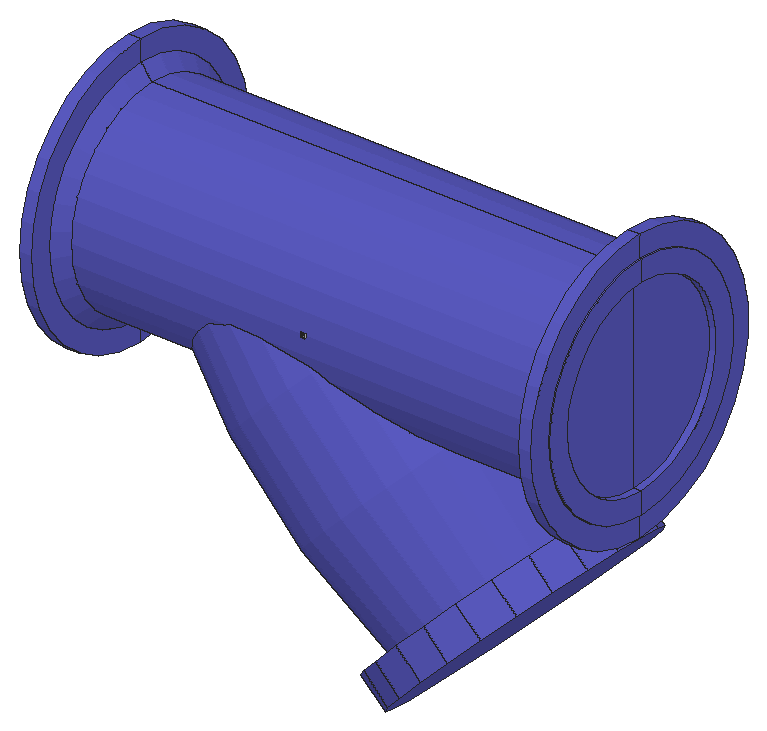
Revit family "Фильтр-грязевик 4111", category Rohrzubehör, Revit 2018
Family settings
  Bemaßung runder Anschluss = Durchmesser verwenden
  Teiletyp = Unterbricht
  OmniClass-Nummer = 23.65.55.14
  OmniClass-Titel = Valves for Liquid Services
  Arbeitsebenenbasiert = Nein
  Immer vertikal = Ja
  Beim Laden mit Abzugskörper schneiden = Nein
  Gemeinsam genutzt = Nein
Parameters
  Уплотнения = "Klingerit"  # constant formula
  Среда = "Качество теплоносителя в соответствии с ÖNORM H5195 и/или предписаниями VDI-Standard 2035.\r\nРазрешается использование смеси этилен или пропиленгликоля в соотношении 25-50% с водой."
  Область применения = "Применяются в системах тепло- и холодоснабжения."
  Номер заказа [instance] = size_lookup("4111_F_", "Artnr", 0, Nennweite)  # 4411190
  Мин. рабочая температура = -10 °C  # constant formula
  Макс. рабочая температура = 120 °C  # constant formula
  Корпус = "GG25"  # constant formula
  Вес [instance] = size_lookup("4111_F_", "Gew", 0, Nennweite)  # 505
  Болты [instance] = if(Nennweite = 50.000 mm, "4x M16x60", if(Nennweite = 65.000 mm, "4x M16x60", if(Nennweite = 80.000 mm, "8x M16x65", if(Nennweite = 100.000 mm, "8x M16x65", if(Nennweite = 125.000 mm, "8x M16x70", if(Nennweite = 150.000 mm, "8x M20x70", if(Nennweite = 200.000 mm, "12x M20x75", if(Nennweite = 250.000 mm, "12x M24x85", if(Nennweite = 300.000 mm, "12x M24x85", if(Nennweite = 350.000 mm, "16x M24x90", "16x M27x100"))))))))))  # "16x M27x100"
  PN = 1600000.0 Pa  # constant formula
  kvs [instance] = if(Nennweite = 50.000 mm, 51, if(Nennweite = 65.000 mm, 70, if(Nennweite = 80.000 mm, 114, if(Nennweite = 100.000 mm, 197, if(Nennweite = 125.000 mm, 271, if(Nennweite = 150.000 mm, 349, if(Nennweite = 200.000 mm, 449, if(Nennweite = 250.000 mm, 994, if(Nennweite = 300.000 mm, 1566, if(Nennweite = 350.000 mm, 2461, 3645))))))))))  # 3645
  Крепление фильтрующего элемента = "Нержавеющая сталь"  # constant formula
  W02 = 45.00°  # constant formula
  W01 = 140.00°  # constant formula
  Уплотнение заглушки = "Медь"  # constant formula
  Заглушка = "Сталь St37"  # constant formula
  URL = "www.herz-armaturen.ru"
  SCRNSEQ = "AWI;AWI_TYP=\"1011\";2"
  SCRNCODE = "05;15;02"  # constant formula
  S01 [instance] = 2 * FLD01  # 580.000 mm
  R02 [instance] = size_lookup("4111_F_", "R2", 1.000 mm, Nennweite)  # 221.000 mm
  R01 [instance] = size_lookup("4111_F_", "R1", 1.000 mm, Nennweite)  # 250.000 mm
  Nennweite [instance] = 400.000 mm
  L02 [instance] = size_lookup("4111_F_", "L2", 1.000 mm, Nennweite)  # 301.000 mm
  Hersteller = "HERZ Armaturen Ges.m.b.H."  # constant formula
  L01 [instance] = size_lookup("4111_F_", "L1", 1.000 mm, Nennweite)  # 550.000 mm
  H01 [instance] = size_lookup("4111_F_", "H1", 1.000 mm, Nennweite)  # 479.500 mm
  Фильтрующий элемент (DN50-DN80) = "AISI 304, размер ячейки 600 мкм"  # constant formula
  Фильтрующий элемент (DN100-DN400) = "AISI 304, размер ячейки 1500 мкм"  # constant formula
  FLL02 [instance] = size_lookup("4111_F_", "FLL2", 1.000 mm, Nennweite)  # 30.000 mm
  FLL01 [instance] = size_lookup("4111_F_", "FLL1", 1.000 mm, Nennweite)  # 4.000 mm
  FLD02 [instance] = size_lookup("4111_F_", "FLD2", 1.000 mm, Nennweite)  # 245.000 mm
  FLD01 [instance] = size_lookup("4111_F_", "FLD1", 1.000 mm, Nennweite)  # 290.000 mm
  DN80 [instance] = Nennweite = 80.000 mm  # no
  DN65 [instance] = Nennweite = 65.000 mm  # no
  DN50 [instance] = Nennweite = 50.000 mm  # no
  DN400 [instance] = Nennweite = 400.000 mm  # yes
  DN350 [instance] = Nennweite = 350.000 mm  # no
  DN300 [instance] = Nennweite = 300.000 mm  # no
  DN250 [instance] = Nennweite = 250.000 mm  # no
  DN200 [instance] = Nennweite = 200.000 mm  # no
  DN150 [instance] = Nennweite = 150.000 mm  # no
  DN125 [instance] = Nennweite = 125.000 mm  # no
  DN100 [instance] = Nennweite = 100.000 mm  # no
  DN [instance] = Nennweite / 2  # 200.000 mm
  D01 [instance] = size_lookup("4111_F_", "D1", 1.000 mm, Nennweite)  # 216.000 mm
  Крышка = "GG25"  # constant formula
Reference planes
  plane 1 "Mitte (Vorne/hinten)": y = 0
  plane 2: z = 0
  plane 3 "Mitte (Links/rechts)": x = 0
Forms (mm)
  Revolve 1, solid, material "Herz-Marineblau", detail levels fine
    sketch origin (0, 0, 0) x (1, 0, 0) y (0, 0, 1)
      loop
        line (-546, 245) -> (-550, 245) -> (-550, 200) -> (-533.79, 200) -> (-533.79, 0) -> (533.79, 0) -> (533.79, 200) -> (550, 200) -> (550, 245) -> (546, 245) -> (546, 290) -> (520, 290) -> (520, 234.5) -> (504.477, 216) -> (-495.666, 216) -> (-520, 245) -> (-520, 290) -> (-546, 290) -> (-546, 245)
      axis (-550, 0) -> (550, 0)
    angle from 0 to 360
  Revolve 2, solid, material "Herz-Marineblau", detail levels fine
    sketch origin (0, 0, 0) x (1, 0, 0) y (0, 0, 1)
      loop
        line (-230.5, 0) -> (-371.921, -141.421)
        arc (-371.921, -141.421) -> (-167.867, -415.168) -> (92.729, -635.771) r 1502.314
        line (92.729, -635.771) -> (249, -479.5) -> (-230.5, 0)
      axis (-230.5, 0) -> (249, -479.5)
    angle from 0 to 360
  Extrusion 3, solid, material "Herz-Marineblau", visible <- "DN50", detail levels fine
    sketch origin (12, 0, -74) x (0, 1, 0) y (0.707107, 0, 0.707107)
      loop
        arc (50, 40) -> (47.071, 47.071) -> (40, 50) r 10
        line (40, 50) -> (-40, 50)
        arc (-40, 50) -> (-47.071, 47.071) -> (-50, 40) r 10
        line (-50, 40) -> (-50, -40)
        arc (-50, -40) -> (-47.071, -47.071) -> (-40, -50) r 10
        line (-40, -50) -> (40, -50)
        arc (40, -50) -> (47.071, -47.071) -> (50, -40) r 10
        line (50, -40) -> (50, 40)
    from 30.5 to 0
  Extrusion 4, solid, material "Herz-Marineblau", visible <- "DN65", detail levels fine
    sketch origin (17, 0, -102.5) x (0, 1, 0) y (0.707107, 0, 0.707107)
      loop
        line (-60, 40) -> (-60, -40)
        arc (-60, -40) -> (-54.142, -54.142) -> (-40, -60) r 20
        line (-40, -60) -> (40, -60)
        arc (40, -60) -> (54.142, -54.142) -> (60, -40) r 20
        line (60, -40) -> (60, 40)
        arc (60, 40) -> (54.142, 54.142) -> (40, 60) r 20
        line (40, 60) -> (-40, 60)
        arc (-40, 60) -> (-54.142, 54.142) -> (-60, 40) r 20
    from 33 to 0
  Extrusion 5, solid, material "Herz-Marineblau", visible <- "DN80", detail levels fine
    sketch origin (44, 0, -118) x (0, 1, 0) y (0.707107, 0, 0.707107)
      loop
        line (-67, 47) -> (-67, -47)
        arc (-67, -47) -> (-61.142, -61.142) -> (-47, -67) r 20
        line (-47, -67) -> (47, -67)
        arc (47, -67) -> (61.142, -61.142) -> (67, -47) r 20
        line (67, -47) -> (67, 47)
        arc (67, 47) -> (61.142, 61.142) -> (47, 67) r 20
        line (47, 67) -> (-47, 67)
        arc (-47, 67) -> (-61.142, 61.142) -> (-67, 47) r 20
    from 34 to 0
  Extrusion 6, solid, material "Herz-Marineblau", visible <- "DN100", detail levels fine
    sketch origin (43, -449.258, -142) x (0, 1, 0) y (0.707107, 0, 0.707107)
      loop
        line (544.008, 0) -> (531.314, 47.375) -> (496.633, 82.056) -> (449.258, 94.75) -> (401.883, 82.056) -> (367.203, 47.375) -> (354.508, 0) -> (367.203, -47.375) -> (401.883, -82.056) -> (449.258, -94.75) -> (496.633, -82.056) -> (531.314, -47.375) -> (544.008, 0)
    from 35.5 to 0
  Extrusion 7, solid, material "Herz-Marineblau", visible <- "DN125", detail levels fine
    sketch origin (54, -422.813, -170) x (0, 1, 0) y (0.707107, 0, 0.707107)
      loop
        line (535.313, 0) -> (520.241, 56.25) -> (479.063, 97.428) -> (422.813, 112.5) -> (366.563, 97.428) -> (325.386, 56.25) -> (310.313, 0) -> (325.386, -56.25) -> (366.563, -97.428) -> (422.813, -112.5) -> (479.063, -97.428) -> (520.241, -56.25) -> (535.313, 0)
    from 44.5 to 0
  Extrusion 8, solid, material "Herz-Marineblau", visible <- "DN150", detail levels fine
    sketch origin (61.5, -490.074, -187.5) x (0, 1, 0) y (0.707107, 0, 0.707107)
      loop
        line (621.324, 0) -> (603.739, 65.625) -> (555.699, 113.666) -> (490.074, 131.25) -> (424.449, 113.666) -> (376.408, 65.625) -> (358.824, 0) -> (376.408, -65.625) -> (424.449, -113.666) -> (490.074, -131.25) -> (555.699, -113.666) -> (603.739, -65.625) -> (621.324, 0)
    from 44.7 to 0
  Extrusion 9, solid, material "Herz-Marineblau", visible <- "DN200", detail levels fine
    sketch origin (82, -429.19, -249) x (0, 1, 0) y (0.707107, 0, 0.707107)
      loop
        line (588.19, 0) -> (566.888, 79.5) -> (508.69, 137.698) -> (429.19, 159) -> (349.69, 137.698) -> (291.492, 79.5) -> (270.19, 0) -> (291.492, -79.5) -> (349.69, -137.698) -> (429.19, -159) -> (508.69, -137.698) -> (566.888, -79.5) -> (588.19, 0)
    from 47 to 0
  Extrusion 10, solid, material "Herz-Marineblau", visible <- "DN250", detail levels fine
    sketch origin (109.5, -496.545, -300) x (0, 1, 0) y (0.707107, 0, 0.707107)
      loop
        line (686.545, 0) -> (680.071, 49.176) -> (661.09, 95) -> (630.895, 134.35) -> (591.545, 164.545) -> (545.72, 183.526) -> (496.545, 190) -> (447.369, 183.526) -> (401.545, 164.545) -> (362.194, 134.35) -> (332, 95) -> (313.019, 49.176) -> (306.545, 0) -> (313.019, -49.176) -> (332, -95) -> (362.194, -134.35) -> (401.545, -164.545) -> (447.369, -183.526) -> (496.545, -190) -> (545.72, -183.526) -> (591.545, -164.545) -> (630.895, -134.35) -> (661.09, -95) -> (680.071, -49.176) -> (686.545, 0)
    from 56.5 to 0
  Extrusion 11, solid, material "Herz-Marineblau", visible <- "DN300", detail levels fine
    sketch origin (82, 617.078, -333) x (0, 1, 0) y (0.707107, 0, 0.707107)
      loop
        line (-390.078, 0) -> (-397.813, 58.752) -> (-420.49, 113.5) -> (-456.565, 160.513) -> (-503.578, 196.588) -> (-558.326, 219.265) -> (-617.078, 227) -> (-675.83, 219.265) -> (-730.578, 196.588) -> (-777.591, 160.513) -> (-813.666, 113.5) -> (-836.343, 58.752) -> (-844.078, 0) -> (-836.343, -58.752) -> (-813.666, -113.5) -> (-777.591, -160.513) -> (-730.578, -196.588) -> (-675.83, -219.265) -> (-617.078, -227) -> (-558.326, -219.265) -> (-503.578, -196.588) -> (-456.565, -160.513) -> (-420.49, -113.5) -> (-397.813, -58.752) -> (-390.078, 0)
    from 61 to 0
  Extrusion 12, solid, material "Herz-Marineblau", visible <- "DN350", detail levels fine
    sketch origin (211, 802.601, -476) x (0, 1, 0) y (0.707107, 0, 0.707107)
      loop
        line (-547.601, 0) -> (-556.29, 65.999) -> (-581.764, 127.5) -> (-622.288, 180.312) -> (-675.101, 220.836) -> (-736.602, 246.311) -> (-802.601, 255) -> (-868.6, 246.311) -> (-930.101, 220.836) -> (-982.913, 180.312) -> (-1023.437, 127.5) -> (-1048.912, 65.999) -> (-1057.601, 0) -> (-1048.912, -65.999) -> (-1023.437, -127.5) -> (-982.913, -180.312) -> (-930.101, -220.836) -> (-868.6, -246.311) -> (-802.601, -255) -> (-736.602, -246.311) -> (-675.101, -220.836) -> (-622.288, -180.312) -> (-581.764, -127.5) -> (-556.29, -65.999) -> (-547.601, 0)
    from 73 to 0
  Extrusion 13, solid, material "Herz-Marineblau", visible <- "DN400", detail levels fine
    sketch origin (249, 812.573, -479.5) x (0, 1, 0) y (0.707107, 0, 0.707107)
      loop
        line (-532.573, 0) -> (-542.114, 72.469) -> (-570.086, 140) -> (-614.583, 197.99) -> (-672.573, 242.487) -> (-740.104, 270.459) -> (-812.573, 280) -> (-885.042, 270.459) -> (-952.573, 242.487) -> (-1010.563, 197.99) -> (-1055.06, 140) -> (-1083.032, 72.469) -> (-1092.573, 0) -> (-1083.032, -72.469) -> (-1055.06, -140) -> (-1010.563, -197.99) -> (-952.573, -242.487) -> (-885.042, -270.459) -> (-812.573, -280) -> (-740.104, -270.459) -> (-672.573, -242.487) -> (-614.583, -197.99) -> (-570.086, -140) -> (-542.114, -72.469) -> (-532.573, 0)
    from 74 to 0
Lines and regions (mm)
  model lines, detail levels coarse+medium
    curve 1: line (-550, 0, 290) -> (550, 0, 290)
    curve 2: line (-550, 0, -290) -> (-550, 0, 290)
    curve 3: line (550, 0, -290) -> (-550, 0, -290)
    curve 4: line (550, 0, 290) -> (550, 0, -290)
    curve 5: line (550, 0, -290) -> (-550, 0, 290)
    curve 6: line (-550, 290, 0) -> (550, 290, 0)
    curve 7: line (-550, -290, 0) -> (-550, 290, 0)
    curve 8: line (550, -290, 0) -> (-550, -290, 0)
    curve 9: line (550, 290, 0) -> (550, -290, 0)
    curve 10: line (550, -290, 0) -> (-550, 290, 0)
Dimensions and locks
  "FLD01": Revolve 1 sketch curve to plane 2  (x2)
  "FLD02": Revolve 1 sketch curve to plane 2  (x3)
  "DN": Revolve 1 sketch curve to plane 2  (x2)
  "L01": Revolve 1 sketch curve to plane 3 "Mitte (Links/rechts)"  (x2)
  "FLL01": Revolve 1 sketch curve to Revolve 1 sketch curve  (x2)
  "FLL02": Revolve 1 sketch curve to Revolve 1 sketch curve  (x2)
  "D01": Revolve 1 sketch curve to plane 2  (x2)
  "H01": plane 2 to Revolve 2 sketch curve
  "L02": Revolve 2 sketch curve to Revolve 1
  "R02": Revolve 2 sketch curve to Revolve 2 sketch curve
  "DN": Revolve 2 sketch curve to Revolve 2 sketch curve
  "D01": nested 1 to plane 1 "Mitte (Vorne/hinten)"
  "L01": plane 3 "Mitte (Links/rechts)" to curve 2
  "L01": plane 3 "Mitte (Links/rechts)" to curve 4
  equal spacing: curve 5, plane 2, curve 3
  "S01": curve 1 to curve 3
  equal spacing: curve 8, plane 1 "Mitte (Vorne/hinten)", curve 6
  "S01": curve 8 to curve 6
  "L01": curve 7 to plane 3 "Mitte (Links/rechts)"
  "L01": plane 3 "Mitte (Links/rechts)" to curve 9
  "R01": Revolve 2 sketch curve to Revolve 2 sketch curve
  "W01": angle Revolve 1 sketch curve to Revolve 1 sketch curve  (x2)
  "W02": angle Revolve 2 sketch curve to plane 2
  aligned and locked: level to plane 2
Automatic sketch dimensions
  plane 1 "Mitte (Vorne/hinten)" to Extrusion 3 sketch curve = 50.000 mm
  Extrusion 3 sketch curve to Extrusion 3 sketch curve = 10.000 mm  (x3)
  Extrusion 3 sketch curve to plane 1 "Mitte (Vorne/hinten)" = 40.000 mm  (x2)
  Extrusion 3 sketch curve to Extrusion 3 sketch curve = 80.000 mm
  plane 1 "Mitte (Vorne/hinten)" to Extrusion 4 sketch curve = 60.000 mm
  Extrusion 4 sketch curve to Extrusion 4 sketch curve = 20.000 mm  (x3)
  Extrusion 4 sketch curve to plane 1 "Mitte (Vorne/hinten)" = 40.000 mm  (x2)
  Extrusion 4 sketch curve to Extrusion 4 sketch curve = 80.000 mm
  plane 1 "Mitte (Vorne/hinten)" to Extrusion 5 sketch curve = 67.000 mm
  Extrusion 5 sketch curve to Extrusion 5 sketch curve = 20.000 mm  (x3)
  Extrusion 5 sketch curve to plane 1 "Mitte (Vorne/hinten)" = 47.000 mm  (x2)
  Extrusion 5 sketch curve to Extrusion 5 sketch curve = 94.000 mm
  Extrusion 6 sketch curve to plane 1 "Mitte (Vorne/hinten)" = 0.000 mm  (x2)
  plane 1 "Mitte (Vorne/hinten)" to Extrusion 6 sketch curve = 47.375 mm  (x2)
  Extrusion 6 sketch curve to Extrusion 6 sketch curve = 34.681 mm  (x8)
  Extrusion 6 sketch curve to Extrusion 6 sketch curve = 12.694 mm  (x5)
  Extrusion 6 sketch curve to plane 1 "Mitte (Vorne/hinten)" = 47.375 mm  (x2)
  Extrusion 6 sketch curve to Extrusion 6 sketch curve = 47.375 mm  (x4)
  Extrusion 7 sketch curve to plane 1 "Mitte (Vorne/hinten)" = 0.000 mm  (x2)
  plane 1 "Mitte (Vorne/hinten)" to Extrusion 7 sketch curve = 56.250 mm  (x2)
  Extrusion 7 sketch curve to Extrusion 7 sketch curve = 41.178 mm  (x8)
  Extrusion 7 sketch curve to Extrusion 7 sketch curve = 15.072 mm  (x5)
  Extrusion 7 sketch curve to plane 1 "Mitte (Vorne/hinten)" = 56.250 mm  (x2)
  Extrusion 7 sketch curve to Extrusion 7 sketch curve = 56.250 mm  (x4)
  Extrusion 8 sketch curve to plane 1 "Mitte (Vorne/hinten)" = 0.000 mm  (x2)
  plane 1 "Mitte (Vorne/hinten)" to Extrusion 8 sketch curve = 65.625 mm  (x2)
  Extrusion 8 sketch curve to Extrusion 8 sketch curve = 48.041 mm  (x8)
  Extrusion 8 sketch curve to Extrusion 8 sketch curve = 17.584 mm  (x5)
  Extrusion 8 sketch curve to plane 1 "Mitte (Vorne/hinten)" = 65.625 mm  (x2)
  Extrusion 8 sketch curve to Extrusion 8 sketch curve = 65.625 mm  (x4)
  Extrusion 9 sketch curve to plane 1 "Mitte (Vorne/hinten)" = 0.000 mm  (x2)
  plane 1 "Mitte (Vorne/hinten)" to Extrusion 9 sketch curve = 79.500 mm  (x2)
  Extrusion 9 sketch curve to Extrusion 9 sketch curve = 58.198 mm  (x8)
  Extrusion 9 sketch curve to Extrusion 9 sketch curve = 21.302 mm  (x5)
  Extrusion 9 sketch curve to plane 1 "Mitte (Vorne/hinten)" = 79.500 mm  (x2)
  Extrusion 9 sketch curve to Extrusion 9 sketch curve = 79.500 mm  (x4)
  Extrusion 10 sketch curve to plane 1 "Mitte (Vorne/hinten)" = 0.000 mm  (x2)
  plane 1 "Mitte (Vorne/hinten)" to Extrusion 10 sketch curve = 49.176 mm  (x2)
  Extrusion 10 sketch curve to Extrusion 10 sketch curve = 45.824 mm  (x8)
  Extrusion 10 sketch curve to Extrusion 10 sketch curve = 39.350 mm  (x8)
  Extrusion 10 sketch curve to Extrusion 10 sketch curve = 30.195 mm  (x8)
  Extrusion 10 sketch curve to Extrusion 10 sketch curve = 18.981 mm  (x8)
  Extrusion 10 sketch curve to Extrusion 10 sketch curve = 6.474 mm  (x5)
  Extrusion 10 sketch curve to plane 1 "Mitte (Vorne/hinten)" = 49.176 mm  (x2)
  Extrusion 10 sketch curve to Extrusion 10 sketch curve = 49.176 mm  (x4)
  Extrusion 11 sketch curve to plane 1 "Mitte (Vorne/hinten)" = 0.000 mm  (x2)
  plane 1 "Mitte (Vorne/hinten)" to Extrusion 11 sketch curve = 58.752 mm  (x2)
  Extrusion 11 sketch curve to Extrusion 11 sketch curve = 54.748 mm  (x8)
  Extrusion 11 sketch curve to Extrusion 11 sketch curve = 47.013 mm  (x8)
  Extrusion 11 sketch curve to Extrusion 11 sketch curve = 36.075 mm  (x8)
  Extrusion 11 sketch curve to Extrusion 11 sketch curve = 22.677 mm  (x8)
  Extrusion 11 sketch curve to Extrusion 11 sketch curve = 7.735 mm  (x5)
  Extrusion 11 sketch curve to plane 1 "Mitte (Vorne/hinten)" = 58.752 mm  (x2)
  Extrusion 11 sketch curve to Extrusion 11 sketch curve = 58.752 mm  (x4)
  Extrusion 12 sketch curve to plane 1 "Mitte (Vorne/hinten)" = 0.000 mm  (x2)
  plane 1 "Mitte (Vorne/hinten)" to Extrusion 12 sketch curve = 65.999 mm  (x2)
  Extrusion 12 sketch curve to Extrusion 12 sketch curve = 61.501 mm  (x8)
  Extrusion 12 sketch curve to Extrusion 12 sketch curve = 52.812 mm  (x8)
  Extrusion 12 sketch curve to Extrusion 12 sketch curve = 40.524 mm  (x8)
  Extrusion 12 sketch curve to Extrusion 12 sketch curve = 25.475 mm  (x8)
  Extrusion 12 sketch curve to Extrusion 12 sketch curve = 8.689 mm  (x5)
  Extrusion 12 sketch curve to plane 1 "Mitte (Vorne/hinten)" = 65.999 mm  (x2)
  Extrusion 12 sketch curve to Extrusion 12 sketch curve = 65.999 mm  (x4)
  Extrusion 13 sketch curve to plane 1 "Mitte (Vorne/hinten)" = 0.000 mm  (x2)
  plane 1 "Mitte (Vorne/hinten)" to Extrusion 13 sketch curve = 72.469 mm  (x2)
  Extrusion 13 sketch curve to Extrusion 13 sketch curve = 67.531 mm  (x8)
  Extrusion 13 sketch curve to Extrusion 13 sketch curve = 57.990 mm  (x8)
  Extrusion 13 sketch curve to Extrusion 13 sketch curve = 44.497 mm  (x8)
  Extrusion 13 sketch curve to Extrusion 13 sketch curve = 27.972 mm  (x8)
  Extrusion 13 sketch curve to Extrusion 13 sketch curve = 9.541 mm  (x5)
  Extrusion 13 sketch curve to plane 1 "Mitte (Vorne/hinten)" = 72.469 mm  (x2)
  Extrusion 13 sketch curve to Extrusion 13 sketch curve = 72.469 mm  (x4)
  Revolve 1 sketch curve to level = 0.000 mm  (x2)
  Revolve 1 sketch curve to Revolve 1 sketch curve = 16.210 mm  (x2)
  Revolve 1 sketch curve to Revolve 1 sketch curve = 15.523 mm
  Revolve 1 sketch curve to Revolve 1 sketch curve = 1391.530 mm
  Revolve 1 sketch curve to Revolve 1 sketch curve = 1724.148 mm
  Revolve 2 sketch curve to level = 0.000 mm  (x2)
  Revolve 2 sketch curve to Revolve 2 sketch curve = 0.000 mm  (x3)
Nested families
  nested 1: "Herz-Logo-vorne" at (0, -216, 0) x (0, -1, 0) z (0, 0, 1), type "Herz-Logo-vorne", detail levels fine
Connectors
  piping at (-550, 0, 0), diameter 400, driven by "Nennweite"
    settings: on Revolve 1, index 1, connector inside diameter 609.6 mm, connector length 0.000 mm, flow factor 0, pipe flow 0.0 L/s, pressure drop 0.0 Pa, fitting loss kfactor 0, connector angle 0.00°, fixture units 0, engagement length 0.000 mm, angle of deflection 0.00°, flow configuration 0, flow direction 1, fitting loss method 0, system type 29, joint type 0, gender type 0, connector reference index -1, connector utility 0, adjustable connector no, is connector primary yes, connector description ""
  piping at (550, 0, 0), diameter 400, driven by "Nennweite"
    settings: on Revolve 1, index 2, connector inside diameter 609.6 mm, connector length 0.000 mm, flow factor 0, pipe flow 0.0 L/s, pressure drop 0.0 Pa, fitting loss kfactor 0, connector angle 0.00°, fixture units 0, engagement length 0.000 mm, angle of deflection 0.00°, flow configuration 0, flow direction 2, fitting loss method 0, system type 29, joint type 0, gender type 0, connector reference index -1, connector utility 0, adjustable connector no, is connector primary no, connector description ""
Definition of nested family "Herz-Logo-vorne"
  Reference planes
    plane 1 "Mitte (Vorne/hinten)": y = 0
    plane 2: z = 0
    plane 3 "Mitte (Links/rechts)": x = 0
  Forms (mm)
    Extrusion 1, solid
      sketch origin (0.732, -0.018, 0.017) x (0, -1, 0) y (0, 0, 1)
        loop
          line (-0.018, -4.517) -> (4.482, -4.517) -> (4.482, 4.483) -> (-4.518, 4.483) -> (-4.518, -4.517) -> (-0.018, -4.517)
        loop
          line (-0.05, -3.48) -> (3.482, -3.48) -> (3.482, 3.483) -> (-3.518, 3.483) -> (-3.518, -3.48) -> (-0.05, -3.48)
        loop
          arc (-0.018, 2.383) -> (-1.543, 3.287) -> (-3.067, 2.383) r 1.738
          arc (-3.067, 2.383) -> (-3.191, 1.899) -> (-3.067, 1.415) r 1.009
          line (-3.067, 1.415) -> (-0.018, -3.281) -> (3.032, 1.415)
          arc (3.032, 1.415) -> (3.156, 1.899) -> (3.032, 2.383) r 1.009
          arc (3.032, 2.383) -> (1.507, 3.287) -> (-0.018, 2.383) r 1.738
        loop
          arc (1.885, 1.272) -> (2.005, 1.675) -> (1.885, 2.079) r 0.74
          arc (1.885, 2.079) -> (1.265, 2.416) -> (0.644, 2.079) r 0.74
          line (0.644, 2.079) -> (-0.018, 0.97) -> (-0.679, 2.079)
          arc (-0.679, 2.079) -> (-1.3, 2.416) -> (-1.921, 2.079) r 0.74
          arc (-1.921, 2.079) -> (-2.04, 1.675) -> (-1.921, 1.272) r 0.74
          line (-1.921, 1.272) -> (-0.018, -1.658) -> (1.885, 1.272)
      from 0 to 1.5
  Dimensions and locks
    aligned and locked: level to plane 2
